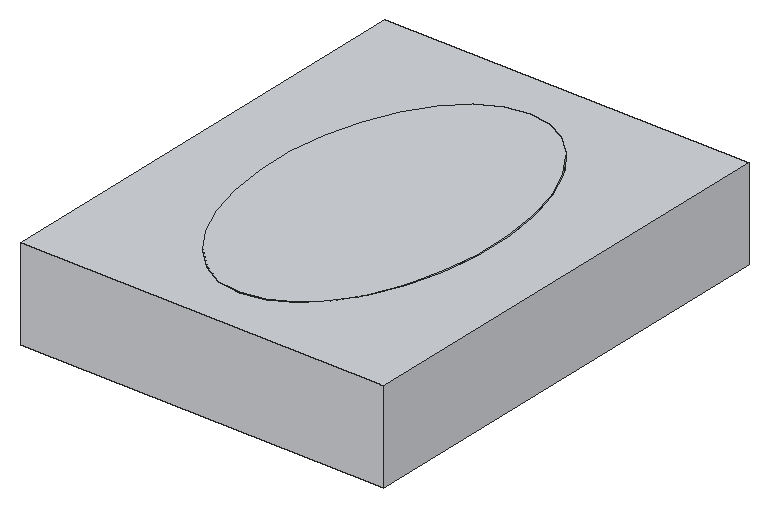
Revit family "電線管用ファミリ(片側のみ)_23", category Electrical Fixtures, Revit 2021
Family settings
  Maintain Annotation Orientation = No
  Round Connector Dimension = Use Diameter
  Part Type = Normal
  OmniClass Number = 23.80.00.00
  OmniClass Title = Electric Power and Lighting
  Work Plane-Based = No
  Always vertical = Yes
  Cut with Voids When Loaded = No
  Shared = No
  Room Calculation Point = No
Parameters
  コネクタ直径 [instance] = 16 mm
  W [instance] = 200 mm
  Default Elevation = 0 mm
  D [instance] = 250 mm
Reference planes
  plane 1 "Center (Front/Back)": y = 0
  plane 2: z = 0
  plane 3 "Center (Left/Right)": x = 0
  plane 4: x = -100
  plane 5: x = 100
  plane 6: y = 125
  plane 7: y = -125
  plane 8: z = 50
Forms (mm)
  Extrusion 1, solid
    sketch origin (0, 0, 0) x (1, 0, 0) y (0, 1, 0)
      loop
        line (-100, 125) -> (-100, -125) -> (100, -125) -> (100, 125) -> (-100, 125)
    from 0 to 50
  Extrusion 2, solid
    sketch origin (0, 0, 0) x (1, 0, 0) y (0, 1, 0)
      loop
        spline (0, -100) -> (15.529, -96.593) -> (30, -86.603) -> (42.426, -70.711) -> (51.962, -50) -> (57.956, -25.882) -> (60, 0) -> (57.956, 25.882) -> (51.962, 50) -> (42.426, 70.711) -> (30, 86.603) -> (15.529, 96.593) -> (0, 100)
        spline (0, 100) -> (-15.529, 96.593) -> (-30, 86.603) -> (-42.426, 70.711) -> (-51.962, 50) -> (-57.956, 25.882) -> (-60, 0) -> (-57.956, -25.882) -> (-51.962, -50) -> (-42.426, -70.711) -> (-30, -86.603) -> (-15.529, -96.593) -> (0, -100)
    from 0 to 50
Dimensions and locks
  equal spacing: plane 4, plane 3 "Center (Left/Right)", plane 5
  "W": plane 4 to plane 5
  equal spacing: plane 6, plane 1 "Center (Front/Back)", plane 7
  "D": plane 6 to plane 7
  aligned and locked: level to plane 2
  aligned and locked: plane 8 to Extrusion 1
  aligned and locked: plane 8 to Extrusion 2
Automatic sketch dimensions
  Extrusion 1 sketch curve to plane 4 = 0 mm
  Extrusion 1 sketch curve to plane 5 = 0 mm
  Extrusion 1 sketch curve to plane 7 = 0 mm
  Extrusion 1 sketch curve to plane 6 = 0 mm
  Extrusion 2 sketch curve to plane 3 "Center (Left/Right)" = 0 mm
  plane 1 "Center (Front/Back)" to Extrusion 2 sketch curve = 0 mm
  plane 7 to Extrusion 2 sketch curve = 25 mm
Connectors
  cabletrayconduit at (0, 0, 50), diameter 16
    settings: on Extrusion 1, index 1, connector width 300 mm, connector height 300 mm, connector angle 0.00°, system type 32, placement type 0, profile type 0, connector reference index -1, is primary connector yes, connector utility param no, connector description ""
